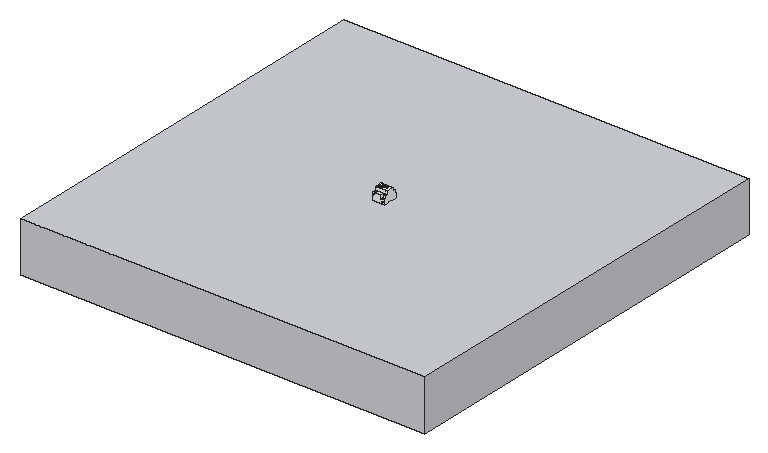
Revit family "Gira_212800", category Elektroinstallationen, Revit 2017
Family settings
  Basisbauteil = Fläche
  Beschriftungsausrichtung beibehalten = Nein
  Bemaßung runder Anschluss = Durchmesser verwenden
  Teiletyp = Normal
  Beim Laden mit Abzugskörper schneiden = Nein
  Gemeinsam genutzt = Nein
  Raumberechnungspunkt = Nein
Parameters (values of type "Binäreing. 8f 12 - 48 V AC/DC pot.frei KNX REG")
  Zusammenstellung = ""
  Zulassung nach PTB = no
  Default Elevation = 1219.2 mm
  Vor Ort-/Handbedienung = no
  Verschiedene Phasen anschließbar = no
  Ventilschutzfunktion = no
  URL = "https://www.gira.de/"
  Typname = "Binäreing. 8f 12 - 48 V AC/DC pot.frei KNX REG"
  Type Comments = ""
  Tarifumschaltung = no
  Stellgröße stetig = no
  Stellgröße schaltend = no
  Schutzart (IP) = ""
  S0 Impulsschnittstelle = ""
  Produktseite = "https://media.stage.bim.site/t/eyJhbGciOiJIUzI1NiIsInR5cCI6IkpXVCJ9.eyJjdCI6MiwidHUiOiJodHRwOi8va2F0YWxvZy5naXJhLmRlL2RlX0RFL2RhdGVuYmxhdHQuaHRtbD9hcnRpa2VsbnI9MjEyODAwIiwiY2lkIjoiMzI3N2NjMjMtODFhOS00ZWUzLWE5MGEtYjQ3YmI0YzBiNjE2IiwicmlkIjoiZTY3OTRkNjA0ZWY4YTk1OTJlM2MwZDMzZjA2OGRiYmYiLCJwaWQiOiI3YmZmZWZkMjU3ZWFiYmM0MTQ1N2NiNzNkZTFkNWJhMjM1YTU0MzYwIiwic2lkIjoiNjM0NzAiLCJ1dCI6MSwibGMiOiJkZSIsImlhdCI6MTYwMDkzMjcxNSwiaXNzIjoiaHR0cHM6Ly9hcGkubGl2ZS5iaW0uc2l0ZSIsInN1YiI6ImFkbWluQGJpbXNpdGUuZGV2In0.HJh7r6jf3-gMSNUoialqsMV-KIq82k0rQscEb9gbidY"
  Montageart = ""
  Modulare Erweiterungsmöglichkeit = no
  Model = ""
  Mit LED-Anzeige = no
  Mit Busankopplung = no
  Max. Anzahl der Schaltausgänge = 0
  Kosten = 0
  Hersteller = "Gira"
  HeinzeBIM = "https://www.heinze.de/bim/binaereing-8f-12-48-v-ac-dc-pot-frei-knx-reg/7bffefd257eabbc41457cb73de1d5ba235a54360"
  Handschaltung = no
  HAN = "212800"
  Geeignet für C-Last = no
  GTIN = "4010337018841"
  Datenblatt 1 = "https://media.stage.bim.site/t/eyJhbGciOiJIUzI1NiIsInR5cCI6IkpXVCJ9.eyJjdCI6MSwidGYiOiJwdWJsaWMvZ2lyYS9hZThjNTU3LzIxMjgwMC50eHQiLCJjaWQiOiIzMjc3Y2MyMy04MWE5LTRlZTMtYTkwYS1iNDdiYjRjMGI2MTYiLCJyaWQiOiJlNjc5NGQ2MDRlZjhhOTU5MmUzYzBkMzNmMDY4ZGJiZiIsInBpZCI6IjdiZmZlZmQyNTdlYWJiYzQxNDU3Y2I3M2RlMWQ1YmEyMzVhNTQzNjAiLCJzaWQiOiI2MzQ3MCIsInV0IjoxLCJsYyI6ImRlIiwiaWF0IjoxNjAwOTMyNzE1LCJpc3MiOiJodHRwczovL2FwaS5saXZlLmJpbS5zaXRlIiwic3ViIjoiYWRtaW5AYmltc2l0ZS5kZXYifQ.zwvur2F-anBhKUyCx2PFIN4whWUfKyIvPVHG4ObDNP0/212800.txt"
  Datenblatt = "https://media.stage.bim.site/t/eyJhbGciOiJIUzI1NiIsInR5cCI6IkpXVCJ9.eyJjdCI6MSwidHUiOiJodHRwczovL2thdGFsb2cuZ2lyYS5kZS9kZV9ERS9kb3dubG9hZC5odG1sP2FydGlrZWxucj0yMTI4MDAiLCJjaWQiOiIzMjc3Y2MyMy04MWE5LTRlZTMtYTkwYS1iNDdiYjRjMGI2MTYiLCJyaWQiOiJlNjc5NGQ2MDRlZjhhOTU5MmUzYzBkMzNmMDY4ZGJiZiIsInBpZCI6IjdiZmZlZmQyNTdlYWJiYzQxNDU3Y2I3M2RlMWQ1YmEyMzVhNTQzNjAiLCJzaWQiOiI2MzQ3MCIsInV0IjoxLCJsYyI6ImRlIiwiaWF0IjoxNjAwOTMyNzE1LCJpc3MiOiJodHRwczovL2FwaS5saXZlLmJpbS5zaXRlIiwic3ViIjoiYWRtaW5AYmltc2l0ZS5kZXYifQ.-cGDsfp3tvUON5ZNlkxNyGQwCckNrAy58dPWP4PYuWk"
  Bussystem Powernet = no
  Bussystem LON = no
  Bussystem KNX-Funk = no
  Bussystem KNX = no
  Bussystem Funkbus = no
  Busspannung pufferbar = no
  Busfähig = ""
  Breite in Teilungseinheiten = 0
  Blindleistung = no
  Beschreibung = "KNX Binäreingang 8fach 12 - 48 V AC DC potenzialfrei  REG plus REG-Binäreingänge zum Anschluss von Kontakten. Die Schaltvorgänge von Kontakten (z. B. Wächter bzw. Taster) werden in KNX Telegramme umgesetzt. Die Eingänge können dabei unabhängig voneinander verschiedenen Funktionen zugeordnet oder gesperrt werden. Signalanzeige über gelbe Status-LED möglich.  Merkmale:  Jeder Eingang verfügt über den vollen Funktionsumfang. Alle kanalorientierten Funktionen lassen sich separat für jeden Eingang parametrieren.  Aktiv sendende Telegramme der Eingänge lassen sich nach Busspannungswiederkehr oder nach einem ETS-Programmiervorgang global verzögern.  Entprellzeit und Telegrammratenbegrenzung konfigurierbar.  Freie Zuordnung der Funktionen Schalten, Dimmen, Jalousie, Wertgeber und Impulszähler zu den Eingängen.  Sperrobjekt zum Sperren einzelner Eingänge (Polarität des Sperrobjekts einstellbar) für die Funktionen Schalten, Dimmen, Jalousie und Wertgeber.  Verhalten bei Busspannungswiederkehr für jeden Eingang separat parametrierbar.  Funktion Schalten: zwei unabhängige Schaltobjekte für jeden Eingang vorhanden (Schaltbefehle sind einzeln parametrierbar), Befehl bei steigender und fallender Flanke unabhängig einstellbar (EIN, AUS, UM, keine Reaktion), unabhängiges zyklisches Senden der Schaltobjekte in Abhängigkeit der Flanke oder in Abhängigkeit des Objektwerts wählbar.  Funktion Dimmen: Einflächen- und Zweiflächenbedienung, Zeit zwischen Dimmen und Schalten und Dimmschrittweite einstellbar, Telegrammwiederholung und Stopptelegramm senden möglich.  Funktion Jalousie: Befehl bei steigender Flanke einstellbar (keine Funktion, AUF, AB, UM), Bedienkonzept parametrierbar (Step - Move - Step oder Move - Step), Zeit zwischen Kurz- und Langzeitbetrieb einstellbar (nur bei Step - Move - Step), Lamellenverstellzeit einstellbar.  Funktion Wertgeber: Flanke (Taster als Schließer, Taster als Öffner, Schalter) und Wert bei Flanke parametrierbar, Wertverstellung bei Taster über langen Tastendruck für Wertgeber möglich, Lichtszenennebenstelle mit Speicherfunktion auch Speicherung der Szene ohne vorherigen Abruf möglich.  Funktion Impulszähler: Zählintervall einstellbar, Flanke (Zählen bei steigender Flanke, Zählen bei fallender Flanke, Zählen bei steigender und fallender Flanke) parametrierbar, Anzahl der erforderlichen Impulse am Eingang parametrierbar, Anzahl der erforderlichen Zählimpulse für eine Zähleränderung parametrierbar, Jeder Eingang beinhaltet einen Hauptzähler und einen Zwischenzähler, Hauptzähler und Zwischenzähler können getrennt voneinander als Vorwärts- oder Rückwärtszähler arbeiten, Start- und Endwerte der Zähler können über Parameter oder Kommunikationsobjekt vorgegeben werden, Abfrage Zählerstand über KNX oder automatisch, Verhalten nach Ablauf des Zählers ist parametrierbar, Impulszähler über KNX zurücksetzten (Zähler-Reset).  Der Binäreingang hat acht voneinander unabhängige Eingänge an die elektrische Signale im Spannungsbereich von 12 bis 48 V angeschlossen werden.  Auswertung von Gleichspannungssignale (DC) oder Wechselspannungssignale (AC).  Der Binäreingang stellt eine separate DC 24 V Hilfsspannung (SELV) für den Anschluss potenzialfreier Kontakte zur Verfügung.  Statusmeldung bei Fehler mit der Hilfsspannung auf den Bus absetzbar.  Anschluss von Zählern mit S0-Schnittstelle möglich (z. B. Energie-, Gas-, Wasserzähler)."
  Assembly Code = ""
  Keynote = ""
  BIMSITE_PRODUCT_ID = "7bffefd257eabbc41457cb73de1d5ba235a54360"
  BIM = "https://media.stage.bim.site/t/eyJhbGciOiJIUzI1NiIsInR5cCI6IkpXVCJ9.eyJjdCI6MSwidGYiOiJwdWJsaWMvZ2lyYS9hZThjNTU3L1JFRyA4Zi5yZmEiLCJjaWQiOiIzMjc3Y2MyMy04MWE5LTRlZTMtYTkwYS1iNDdiYjRjMGI2MTYiLCJyaWQiOiJlNjc5NGQ2MDRlZjhhOTU5MmUzYzBkMzNmMDY4ZGJiZiIsInBpZCI6IjdiZmZlZmQyNTdlYWJiYzQxNDU3Y2I3M2RlMWQ1YmEyMzVhNTQzNjAiLCJzaWQiOiI2MzQ3MCIsInV0Ijo1LCJsYyI6ImRlIiwiaWF0IjoxNjAwOTMyNzE1LCJpc3MiOiJodHRwczovL2FwaS5saXZlLmJpbS5zaXRlIiwic3ViIjoiYWRtaW5AYmltc2l0ZS5kZXYifQ.DW1Lx-77qSN4wXJaPcyHhL96Zf-pi0AX-VAo5DLIsYY/REG 8f.rfa"
  Ausgangsstrom [Ampere] = ""
  Ausgangsspannung [Volt] = ""
  Ausführung Text = ""
  Art der Spannungsversorgung = ""
  Anzahl der binären Eingänge = 0
  Anzahl der Ausgänge = 0
  Anschlussart = ""
  Andere Bussysteme = ""
Reference planes
  plane 1 "Center (Front/Back)": y = 0
  plane 2: z = 0
  plane 3 "Center (Left/Right)": x = 0
Forms (mm)
  Extrusion 1, solid
    sketch origin (0, 0, 0) x (1, 0, 0) y (0, 1, 0)
      loop
        line (-1219.2, 1219.2) -> (-1219.2, -1219.2) -> (1219.2, -1219.2) -> (1219.2, 1219.2) -> (-1219.2, 1219.2)
    from 0 to -304.8
  Extrusion 2, solid, material "White", detail levels fine
    sketch origin (0, 0, 0) x (0, 1, 0) y (0, 0, 1)
      loop
        line (45.125, -2.619) -> (45.125, 24.95) -> (33.875, 24.95) -> (33.875, 43.8) -> (22.575, 43.8) -> (22.575, 62.05)
        arc (22.575, 62.05) -> (22.311, 62.686) -> (21.675, 62.95) r 0.9
        line (21.675, 62.95) -> (-21.175, 62.95)
        arc (-21.175, 62.95) -> (-21.785, 62.758) -> (-22.175, 62.25) r 1.064
        line (-22.175, 62.25) -> (-22.175, 43.8) -> (-44.725, 43.8) -> (-44.725, -2.619)
        arc (-44.725, -2.619) -> (-31.081, -5.433) -> (-17.243, -7.049) r 160
        line (-17.243, -7.049) -> (-13.165, -1.734) -> (-16.399, -0.807) -> (-16.399, 0) -> (17.8, 0) -> (17.8, -1.4) -> (16.8, -1.4) -> (14.749, -4.952)
        arc (14.749, -4.952) -> (18.64, -6.184) -> (22.7, -6.6) r 20
        arc (22.7, -6.6) -> (33.983, -5.009) -> (45.125, -2.619) r 160
    from -36 to 36
  Extrusion 3, void, detail levels fine
    sketch origin (0, 0, 0) x (1, 0, 0) y (0, 1, 0)
      loop
        circle (30, 26.925) r 2.55
      loop
        circle (21.75, 26.925) r 2.55
      loop
        circle (12.75, 26.925) r 2.55
      loop
        circle (4.5, 26.925) r 2.55
      loop
        circle (-4.5, 26.925) r 2.55
      loop
        circle (-12.75, 26.925) r 2.55
      loop
        circle (-21.75, 26.925) r 2.55
      loop
        circle (-30, 26.925) r 2.55
    from 37.936 to 43.8
  Extrusion 4, void, detail levels fine
    sketch origin (0, 11.25, -18.85) x (1, 0, 0) y (0, 1, 0)
      loop
        circle (30, 26.925) r 2.55
      loop
        circle (21.75, 26.925) r 2.55
      loop
        circle (12.75, 26.925) r 2.55
      loop
        circle (4.5, 26.925) r 2.55
      loop
        circle (-4.5, 26.925) r 2.55
      loop
        circle (-12.75, 26.925) r 2.55
      loop
        circle (-21.75, 26.925) r 2.55
      loop
        circle (-30, 26.925) r 2.55
    from 37.936 to 43.8
  Extrusion 5, void, detail levels fine
    sketch origin (0, 0, 0) x (1, 0, 0) y (0, 1, 0)
      loop
        circle (-13, -3.875) r 3
      loop
        circle (-23, -3.875) r 3
      loop
        circle (-23, -13.875) r 3
      loop
        circle (-13, -13.875) r 3
      loop
        circle (-29, -3.875) r 1.575
      loop
        circle (-29, -13.875) r 1.575
      loop
        circle (-7, -13.875) r 1.575
      loop
        circle (-15.4, 5.325) r 1.625
      loop
        circle (-11, 5.325) r 1.575
      loop
        circle (-6.6, 5.325) r 1.625
      loop
        circle (-2.2, 5.325) r 1.625
      loop
        circle (2.2, 5.325) r 1.625
      loop
        circle (6.6, 5.325) r 1.625
      loop
        circle (11, 5.325) r 1.575
      loop
        circle (15.4, 5.325) r 1.625
    from 58.253 to 62.95
  Extrusion 6, void, detail levels fine
    sketch origin (0, 0, 0) x (1, 0, 0) y (0, 1, 0)
      loop
        line (-32.175, -32.6) -> (-32.175, -34.9) -> (-31.24, -34.36) -> (-31.401, -37.165) -> (-32.175, -36.7) -> (-32.175, -44.875) -> (-20.175, -44.875) -> (-20.175, -37.33) -> (-19.075, -37.965) -> (-19.075, -33.635) -> (-20.175, -34.27) -> (-20.175, -32.6) -> (-32.175, -32.6)
    from 28.5 to 43.8
  Extrusion 7, solid, detail levels fine
    sketch origin (0, 0, 0) x (1, 0, 0) y (0, 1, 0)
      loop
        circle (-29.375, -36.2) r 0.5
      loop
        circle (-23.575, -36.2) r 0.5
    from 28.5 to 37.5
  Extrusion 8, void, detail levels fine
    sketch origin (0, 0, 0) x (1, 0, 0) y (0, 1, 0)
      loop
        line (15.289, -31.489) -> (15.289, -44.875) -> (36, -44.875) -> (36, -31.489) -> (15.289, -31.489)
    from 25 to 43.8
  Extrusion 9, void, detail levels fine
    sketch origin (0, 0, 0) x (1, 0, 0) y (0, 1, 0)
      loop
        circle (21.75, -37.925) r 2.55
      loop
        circle (30, -37.925) r 2.55
    from 19.086 to 24.95
  Extrusion 10, void, detail levels fine
    sketch origin (0, 0, 0) x (1, 0, 0) y (0, 0, 1)
      loop
        line (32.368, 26.75) -> (32.35, 28.865) -> (32.319, 32.45) -> (27.731, 32.45) -> (27.682, 26.75) -> (32.368, 26.75)
      loop
        line (24.118, 26.75) -> (24.1, 28.865) -> (24.069, 32.45) -> (19.481, 32.45) -> (19.432, 26.75) -> (24.118, 26.75)
      loop
        line (15.118, 26.75) -> (15.1, 28.865) -> (15.069, 32.45) -> (10.481, 32.45) -> (10.432, 26.75) -> (15.118, 26.75)
      loop
        line (6.868, 26.75) -> (6.85, 28.865) -> (6.819, 32.45) -> (2.231, 32.45) -> (2.182, 26.75) -> (6.868, 26.75)
      loop
        line (-2.182, 26.75) -> (-2.2, 28.865) -> (-2.231, 32.45) -> (-6.819, 32.45) -> (-6.868, 26.75) -> (-2.182, 26.75)
      loop
        line (-10.432, 26.75) -> (-10.45, 28.865) -> (-10.481, 32.45) -> (-15.069, 32.45) -> (-15.118, 26.75) -> (-10.432, 26.75)
      loop
        line (-19.35, 26.75) -> (-19.369, 28.865) -> (-19.4, 32.45) -> (-23.987, 32.45) -> (-24.037, 26.75) -> (-19.35, 26.75)
      loop
        line (-27.682, 26.75) -> (-27.7, 28.865) -> (-27.731, 32.45) -> (-32.319, 32.45) -> (-32.368, 26.75) -> (-27.682, 26.75)
    from -29.206 to -33.875
  Extrusion 11, void, detail levels fine
    sketch origin (0, 11.25, -19.567) x (1, 0, 0) y (0, 0, 1)
      loop
        line (32.368, 26.75) -> (32.35, 28.865) -> (32.319, 32.45) -> (27.731, 32.45) -> (27.682, 26.75) -> (32.368, 26.75)
      loop
        line (24.118, 26.75) -> (24.1, 28.865) -> (24.069, 32.45) -> (19.481, 32.45) -> (19.432, 26.75) -> (24.118, 26.75)
      loop
        line (15.118, 26.75) -> (15.1, 28.865) -> (15.069, 32.45) -> (10.481, 32.45) -> (10.432, 26.75) -> (15.118, 26.75)
      loop
        line (6.868, 26.75) -> (6.85, 28.865) -> (6.819, 32.45) -> (2.231, 32.45) -> (2.182, 26.75) -> (6.868, 26.75)
      loop
        line (-2.182, 26.75) -> (-2.2, 28.865) -> (-2.231, 32.45) -> (-6.819, 32.45) -> (-6.868, 26.75) -> (-2.182, 26.75)
      loop
        line (-10.432, 26.75) -> (-10.45, 28.865) -> (-10.481, 32.45) -> (-15.069, 32.45) -> (-15.118, 26.75) -> (-10.432, 26.75)
      loop
        line (-19.35, 26.75) -> (-19.369, 28.865) -> (-19.4, 32.45) -> (-23.987, 32.45) -> (-24.037, 26.75) -> (-19.35, 26.75)
      loop
        line (-27.682, 26.75) -> (-27.7, 28.865) -> (-27.731, 32.45) -> (-32.319, 32.45) -> (-32.368, 26.75) -> (-27.682, 26.75)
    from -29.206 to -33.875
  Extrusion 12, void, detail levels fine
    sketch origin (0, 0, 0) x (1, 0, 0) y (0, 0, 1)
      loop
        line (32.319, 12.883) -> (27.731, 12.883) -> (27.682, 7.183) -> (32.368, 7.183) -> (32.35, 9.298) -> (32.319, 12.883)
      loop
        line (24.069, 12.883) -> (19.481, 12.883) -> (19.432, 7.183) -> (24.118, 7.183) -> (24.1, 9.298) -> (24.069, 12.883)
    from 40.588 to 44.725
  Extrusion 13, solid, material "White", detail levels fine
    sketch origin (0, 0, 0) x (1, 0, 0) y (0, 1, 0)
      loop
        circle (-15.4, 5.325) r 1.625
      loop
        circle (-11, 5.325) r 1.575
      loop
        circle (-6.6, 5.325) r 1.625
      loop
        circle (-2.2, 5.325) r 1.625
      loop
        circle (2.2, 5.325) r 1.625
      loop
        circle (6.6, 5.325) r 1.625
      loop
        circle (11, 5.325) r 1.575
      loop
        circle (15.4, 5.325) r 1.625
      loop
        circle (-29, -3.875) r 1.575
      loop
        circle (-29, -13.875) r 1.575
      loop
        circle (-7, -13.875) r 1.575
    from 58.253 to 62.25
  Extrusion 14, solid, material "White", detail levels fine
    sketch origin (0, 0, 0) x (1, 0, 0) y (0, 1, 0)
      loop
        circle (-23, -3.875) r 3
      loop
        circle (-13, -3.875) r 3
      loop
        circle (-23, -13.875) r 3
      loop
        circle (-13, -13.875) r 3
    from 58.253 to 63.841
  Extrusion 15, solid, material "White", detail levels medium
    sketch origin (0, 0, 0) x (0, 1, 0) y (0, 0, 1)
      loop
        line (45.125, -7.049) -> (45.125, 24.95) -> (33.875, 24.95) -> (33.875, 43.8) -> (22.575, 43.8) -> (22.575, 63.841) -> (-22.175, 63.841) -> (-22.175, 43.8) -> (-44.725, 43.8) -> (-44.725, -7.049) -> (45.125, -7.049)
    from -36 to 36
  Extrusion 16, solid, material "White", detail levels coarse
    sketch origin (0, 0, 0) x (0, 1, 0) y (0, 0, 1)
      loop
        line (45.125, -7.049) -> (45.125, 63.841) -> (-44.725, 63.841) -> (-44.725, -7.049) -> (45.125, -7.049)
    from -36 to 36
Cuts and joins
  Extrusion 3, Extrusion 4, Extrusion 5, Extrusion 6, Extrusion 8, Extrusion 9, Extrusion 10, Extrusion 11, Extrusion 12 cuts Extrusion 2
Dimensions and locks
  aligned and locked: plane 2 to Extrusion 1
  aligned and locked: level to Extrusion 1
